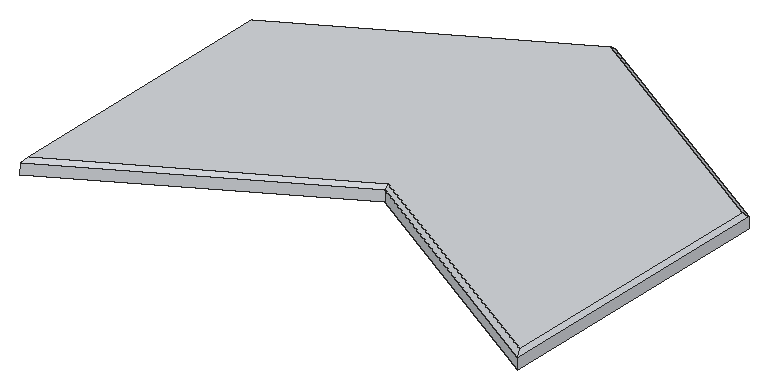
Revit family "J2 PET Felt Chevron Tile", category Generic Models, host Face, Revit 2022
Family settings
  Host = Face
  Can host rebar = No
  Round Connector Dimension = Use Diameter
  Part Type = Normal
  Cut with Voids When Loaded = No
  Maintain Annotation Orientation = No
  Shared = No
  Room Calculation Point = No
Parameters
  URL = "https://www.j2systems.net/"
  Symbol Name = "FTCH12"  # constant formula
  Style Number = "FTCH12"  # constant formula
  Release Date = "2019"  # constant formula
  Product Line = "Tile"  # constant formula
  Model = "Chevron"  # constant formula
  Manufacturer = "J2 Systems"  # constant formula
  Felt color = none
  Default Elevation = 4' - 0"
  Beveled edges = yes
Reference planes (in)
  plane 1 "Center (Front/Back)": y = 0
  plane 2: z = 0
  plane 3 "Center (Left/Right)": x = 0
Forms (in)
  Extrusion 1, solid, material <- "Felt color"
    sketch origin (0, 0, 0) x (1, 0, 0) y (0, 1, 0)
      loop
        line (0, 0) -> (8.66025, 5) -> (17.32051, 0) -> (17.32051, 10) -> (8.66025, 15) -> (0, 10) -> (0, 0)
    from 0 to 0.5
  Sweep 2, void
    path origin (0, 0, 0) x (1, 0, 0) y (0, 1, 0)
      loop
        line (0, 0) -> (8.66025, 5) -> (17.32051, 0) -> (17.32051, 10) -> (8.66025, 15) -> (0, 10) -> (0, 0)
    profile origin (0, 5, 0) x (-1, 0, 0) y (0, 0, 1)
      loop
        line (0, 0.5) -> (-0.125, 0.5) -> (0, 0.375) -> (0, 0.5)
Cuts and joins
  Sweep 2 cuts Extrusion 1
Dimensions and locks (in)
  aligned and locked: plane 2 to host face
  aligned and locked: level to host face
